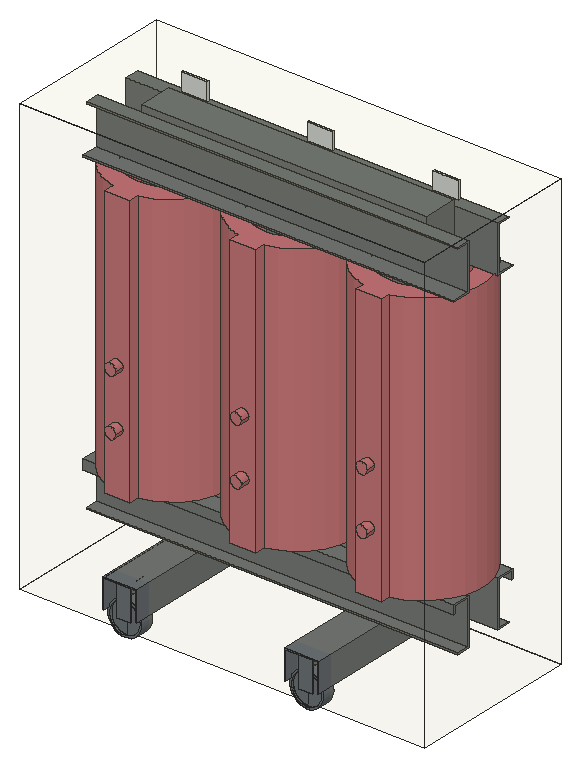
Revit family "Electrical_Transformers_Simens-AG_Geafol_Transformer", category Electrical Fixtures, Revit 2016
Family settings
  Maintain Annotation Orientation = No
  Part Type = Normal
  Round Connector Dimension = Use Diameter
  Work Plane-Based = No
  Always vertical = Yes
  Cut with Voids When Loaded = No
  Shared = No
  Room Calculation Point = No
Parameters (values of type "Transformer 3150kVA  4GX6564-3EY")
  Zyl_zzzzgesamt [instance] = UK_U2 + U2_h + 35 mm  # 2480 mm
  Zyl_zzzz [instance] = H - U2_h - UK_Zyl - 35 mm  # 1605 mm
  Zyl_h = 1595 mm
  Zyl_d = (L - 2 * 35 mm) / 3  # 705 mm
  Zyl_ab1 = 35 mm  # constant formula
  Youtube clip = "https://www.siemens.com/geafol"
  Width mm = B  # 1280 mm
  Weight Net (Kg) = "0"
  Vector group = "Dyn5 (also available Dyn1 and Dyn11)"
  Uniformat II Description = "Energy Supply"
  Uniformat II Code = "D3010"
  Uniclass 2015 Name = "Voltage transformers"
  Uniclass 2015 Code = "Pr_80_51_51_95"
  Uniclass 2.0 Description = "Electrical Power Control Products"
  Uniclass 2.0 Code = "PR-26"
  Uniclass 1.4 Description = ""
  Uniclass 1.4 Code = ""
  UNSPSC Code = "39121009"
  UK_Zyl [instance] = UK_U + U1_h  # 575 mm
  UK_U2 [instance] = UK_Zyl + Zyl_h  # 2170 mm
  U2_h = 275 mm
  U1_h = 275 mm
  UK_U [instance] = 1.5 * F  # 300 mm
  Technical description = "http://www.siemens.com/specifications"
  Region South America = "AR, BO, BR, CL, CO, EC, FK, GF, GY, PE, PY, SR, UY, VE"
  Region Oceania = "AS, AU, CK, FJ, FM, GU, KI, MH, MP, NC, NF, NR, NU, NZ, PF, PG, PN, PW, SB, TK, TL, TO, TV, UM, WF, WS, VU"
  Region North America = "None"
  Region Middle East = "AE, AF, BH, EG, IL, IQ, IR, JO, KW, LB, OM, PS, QA, SA, SY, TR, YE"
  Region Europe = "AD, AL, AT, AX, BA, BE, BG, BY, CH, CY, CZ, DE, DK, EE, ES, FI, FO, FR, GB, GG, GI, GR, HR, HU, IE, IM, IS, IT, JE, LI, LT, LU, LV, MC, MD, ME, MK, MT, NL, NO, PL, PT, RO, RS, RU, SE, SI, SJ, SK, SM, UA, VA"
  Region Asia = "AM, AZ, BD, BN, BT, CC, CN, CX, GE, HK, ID, IN, IO, JP, KG, KH, KP, KR, KZ, LA, LK, MM, MN, MO, MV, MY, NP, PH, PK, SG, TH, TJ, TM, TW, UZ, VN"
  Region Antarctica = "AQ, BV, GS, HM, TF"
  Region Africa = "AO, BF, BI, BJ, BW, CD, CF, CG, CI, CM, CV, DJ, DZ, EH, ER, ET, GA, GH, GM, GN, GQ, GW, KE, KM, LR, LS, LY, MA, MG, ML, MR, MU, MW, MZ, NA, NE, NG, RE, RW, SC, SD, SH, SL, SN, SO, SS, ST, SZ, TD, TG, TN, TZ, UG, YT, ZA, ZM, ZW"
  Rated voltage LV kV = "0.4"
  Sound power level dB = "74"
  Rad1 [instance] = (L - E) / 2  # 557.5 mm
  Rated voltage HV kV = 20
  QR code = "http://bimobject.com/siemens/product/siemens_transformer_geafol"
  Product url = "https://www.siemens.com/geafol"
  Product group = "Cast-resin transformer"
  Product family = "Transformer"
  Product data url = "https://bimobject.com/siemens/product/siemens_transformer_geafol"
  Product certification = "https://www.siemens.com/geafol"
  Product SKU = "siemens_transformer_geafol"
  Product Guid = "49deb9fb-ca4a-45bb-83c5-8a2fd0500d8d"
  OmniClass Description = "Power Transformers"
  OmniClass Code = "23-35 13 17"
  Nominal width = 0 mm
  Nominal height = 0 mm
  NBS Reference Description = "Electrical Power Control Products"
  NBS Reference Code = "26"
  Model = "GEAFOL 3150kVA 4GX6564-3EY"
  Mi_Zyl [instance] = ((L - 2 * 35 mm) / 3) / 2  # 352.5 mm
  Material secondary = ""
  Material main = "Steel"
  Masterformat 2014 Description = "Low-Voltage Transformers"
  Masterformat 2014 Code = "26 22 00"
  Manufacturer name = "Siemens AG"
  Manufacturer country = ""
  Length mm = L  # 2185 mm
  No-load loss P0 W = "3800"
  L = 2185 mm
  Short-circuit loss Pk120 W = "22000"
  Kuo_luft_h = 25 mm  # constant formula
  Insulation level LV kV = "3/–"
  Insulation level HV kV = "50/59"
  Manufacturer = "Siemens AG"
  Installation instructions = "https://www.siemens.com/geafol"
  IFC Classification = ""
  Height mm = H  # 2490 mm
  H = 2490 mm
  G = if(Apparent power kVA < 251, 40 mm, if(Apparent power kVA < 801, 40 mm, if(Apparent power kVA < 1601, 50 mm, if(Apparent power kVA < 5001, 70 mm, 130 mm))))  # 70 mm
  Fan mounted = "without; with (>=630kVA)"
  Fahrgestell_abstand [instance] = F / 2  # 100 mm
  F = if(Apparent power kVA < 251, 125 mm, if(Apparent power kVA < 801, 125 mm, if(Apparent power kVA < 1601, 160 mm, if(Apparent power kVA < 5001, 200 mm, 250 mm))))  # 200 mm
  Edition number = 1
  EAN code = ""
  E = if(Apparent power kVA < 251, 520 mm, if(Apparent power kVA < 801, 670 mm, if(Apparent power kVA < 1601, 820 mm, if(Apparent power kVA < 5001, 1070 mm, 1505 mm))))  # 1070 mm
  Design country = "Germany"
  Date of publishing = "10/25/2017"
  Clearence operation [instance] = no
  Clearence flashover [instance] = yes
  Cl_t2 [instance] = Zyl_d / 2 + 50 mm + 50 mm + Cl_ab_b  # 552.5 mm
  Cl_opera_t2 [instance] = CL_t1 + Cl_t2 + 2 * Cl_opera_t1  # 3005 mm
  Cl_opera_t1 [instance] = 1000 mm  # constant formula
  Cl_opera_L2 = Cl_L + 2 * Cl_opera_L1  # 3385 mm
  Cl_opera_L1 = 500 mm  # constant formula
  Cl_ab_c = if(Rated voltage HV kV < 13, 50 mm, if(Rated voltage HV kV < 25, 100 mm, if(Rated voltage HV kV < 37, 160 mm, 160 mm)))  # 100 mm
  Cl_ab_b = Cl_ab_c  # 100 mm
  Cl_ab_a = if(Rated voltage HV kV < 13, 120 mm, if(Rated voltage HV kV < 25, 220 mm, if(Rated voltage HV kV < 37, 320 mm, 320 mm)))  # 220 mm
  Cl_L = L + 2 * Cl_ab_c  # 2385 mm
  Cl_H = if(Rated voltage HV kV < 13, H + 40 mm, H + 70 mm)  # 2560 mm
  COBIe Type Category = ""
  CL_t1 = Zyl_d / 2 + Cl_ab_b  # 452.5 mm
  Brand url = "https://www.siemens.com/global/en/home/products/energy.html"
  BIMobject main category code = "electrical"
  BIMobject main category = "Electrical"
  BIMobject category code = "electrical-transformers"
  BIMobject category = "Transformers"
  Apparent power kVA = 3150
  Rated short circuit voltage % = "6"
  B_halb [instance] = B / 2  # 640 mm
  B_U_ab_halb = if(L < 1570 mm, 85 mm, 105 mm)  # 105 mm
  B = 1280 mm
Reference planes
  plane 1 "Mitte (Vorne/Hinten)": y = 0
  plane 2: z = 0
  plane 3 "Mitte (Links/Rechts)": x = 0
  plane 4 "UK_U": z = 300
  plane 5 "Rad1": x = 557.5
  plane 6 "Rad2": x = 1627.5
  plane 7 "U rechts": y = 535
  plane 8 "U links": y = 745
  plane 9: y = 640
  plane 10 "UK Zyl": z = 575
  plane 11 "Zyl Mitte": x = 352.5
  plane 12 "OK Zyl": z = 2170
  plane 13 "Cl_t1": y = 1092.5
  plane 14 "Cl_ab_c": x = -100
Forms (mm)
  Extrusion 1, solid, material "Siemens Clearence", visible <- "Clearence flashover"
    sketch origin (0, 0, 0) x (1, 0, 0) y (0, 1, 0)
      loop
        line (-100, 1092.5) -> (-100, 87.5) -> (2285, 87.5) -> (2285, 1092.5) -> (-100, 1092.5)
    from 0 to 2560 <- "Cl_H"
  Extrusion 2, solid, material "Siemens Clearence", visible <- "Clearence operation"
    sketch origin (-500, -660, 0) x (1, 0, 0) y (0, 1, 0)
      loop
        line (-100, 2752.5) -> (-100, -252.5) -> (3285, -252.5) -> (3285, 2752.5) -> (-100, 2752.5)
    from 0 to 2560 <- "Cl_H"
Dimensions and locks
  "UK_U": plane 4 "UK_U" to level
  "Rad1": plane 5 "Rad1" to plane 3 "Mitte (Links/Rechts)"
  "E": plane 6 "Rad2" to plane 5 "Rad1"
  "Fahrgestell_abstand": plane 5 "Rad1" to nested 1
  "Fahrgestell_abstand": nested 2 to plane 6 "Rad2"
  "B_halb": plane 9 to plane 1 "Mitte (Vorne/Hinten)"
  "B_U_ab_halb": plane 9 to plane 7 "U rechts"
  "B_U_ab_halb": plane 8 "U links" to plane 9
  "UK_Zyl": plane 10 "UK Zyl" to level
  "Mi_Zyl": plane 11 "Zyl Mitte" to plane 3 "Mitte (Links/Rechts)"
  "UK_U2": plane 12 "OK Zyl" to level
  "Kuo_luft_h": plane 10 "UK Zyl" to nested 8
  nested 8 to level = 2480 mm
  nested 6 to level = 2445 mm
  nested 5 to level = 1275 mm
  "CL_t1": plane 9 to Extrusion 1 sketch curve
  "Cl_t2": Extrusion 1 sketch curve to plane 9
  "Cl_ab_c": Extrusion 1 sketch curve to plane 3 "Mitte (Links/Rechts)"
  "Cl_L": Extrusion 1 sketch curve to Extrusion 1 sketch curve
  "Cl_opera_L2": Extrusion 2 sketch curve to Extrusion 2 sketch curve
  "Cl_opera_t2": Extrusion 2 sketch curve to Extrusion 2 sketch curve
  "CL_t1": plane 9 to plane 13 "Cl_t1"
  "Cl_ab_c": plane 14 "Cl_ab_c" to plane 3 "Mitte (Links/Rechts)"
  "Cl_opera_L1": Extrusion 2 sketch curve to plane 14 "Cl_ab_c"
  "Cl_opera_t1": Extrusion 2 sketch curve to plane 13 "Cl_t1"
  nested 1 to nested 6 = 2185 mm
  nested 1 to nested 1 = 1280 mm
  aligned and locked: level to plane 2
  aligned and locked: plane 4 "UK_U" to nested 1
  aligned and locked: plane 1 "Mitte (Vorne/Hinten)" to nested 1
  aligned and locked: plane 1 "Mitte (Vorne/Hinten)" to nested 2
  aligned and locked: plane 4 "UK_U" to nested 2
  aligned and locked: nested 3 to plane 4 "UK_U"
  aligned and locked: plane 3 "Mitte (Links/Rechts)" to nested 3
  aligned and locked: nested 4 to plane 3 "Mitte (Links/Rechts)"
  aligned and locked: nested 4 to plane 4 "UK_U"
  aligned and locked: nested 4 to plane 8 "U links"
  aligned and locked: plane 7 "U rechts" to nested 3
  aligned and locked: plane 10 "UK Zyl" to nested 5
  aligned and locked: plane 9 to nested 5
  aligned and locked: plane 11 "Zyl Mitte" to nested 5
  aligned and locked: plane 12 "OK Zyl" to nested 6
  aligned and locked: plane 7 "U rechts" to nested 6
  aligned and locked: plane 3 "Mitte (Links/Rechts)" to nested 6
  aligned and locked: nested 7 to plane 3 "Mitte (Links/Rechts)"
  aligned and locked: plane 12 "OK Zyl" to nested 7
  aligned and locked: nested 7 to plane 8 "U links"
  aligned and locked: plane 9 to nested 8
  aligned and locked: plane 11 "Zyl Mitte" to nested 8
Nested families
  nested 1: "Trafo Basic_Fahrgestell" at (0, 0, 0), B <- "B", H <- "H", L <- "L", E <- "E", F <- "F", G <- "G", type "4GT5044-3CY"
    with UK_U 300 mm, Rad_ab_aussen 40 mm, Rad2_aussen 1240 mm, Rad1_dicke1 10 mm, Rad1_breite_ges 70 mm, Rad1_aussen 40 mm, Rad1 557.5 mm, L 2185 mm, H 2490 mm, G 70 mm, Fahrgestell_h1 170 mm, Fahrgestell_WS1 5 mm, Fahrg_Radhalter_t_halbminus -40 mm, Fahrg_Radhalter_t_halb 40 mm, Fahrg_Radhalter_t 80 mm, Fahrg_Radhalter_h 200 mm, Fahrg_Radhalter_b 90 mm, Fahrg_Radhalter2_aussen 1250 mm, Fahrg_Radhalter1_aussen 30 mm, F_halb 100 mm, F 200 mm, E 1070 mm, B_minus -1280 mm, B 1280 mm
  nested 2: "Trafo Basic_Fahrgestell" at (1070, 0, 0), B <- "B", H <- "H", L <- "L", E <- "E", F <- "F", G <- "G", type "4GT5044-3CY"
    with UK_U 300 mm, Rad_ab_aussen 40 mm, Rad2_aussen 1240 mm, Rad1_dicke1 10 mm, Rad1_breite_ges 70 mm, Rad1_aussen 40 mm, Rad1 557.5 mm, L 2185 mm, H 2490 mm, G 70 mm, Fahrgestell_h1 170 mm, Fahrgestell_WS1 5 mm, Fahrg_Radhalter_t_halbminus -40 mm, Fahrg_Radhalter_t_halb 40 mm, Fahrg_Radhalter_t 80 mm, Fahrg_Radhalter_h 200 mm, Fahrg_Radhalter_b 90 mm, Fahrg_Radhalter2_aussen 1250 mm, Fahrg_Radhalter1_aussen 30 mm, F_halb 100 mm, F 200 mm, E 1070 mm, B_minus -1280 mm, B 1280 mm
  nested 3: "Trafo Basic_U1" at (0, 535, 300), L <- "L", B <- "B", H <- "H", E <- "E", F <- "F", G <- "G", U1_h <- "U1_h", type "Trafo Basic_U1"
    with U1_ws 8 mm, U1_u_b 82.5 mm, U1_o_b 110 mm, U1_knick_l 55 mm, U1_h 275 mm, L 2185 mm, H 2490 mm, G 70 mm, F 200 mm, E 1070 mm, B 1280 mm
  nested 4: "Trafo Basic_U1" at (2185, 745, 300) x (-1, 0, 0) z (0, 0, 1), L <- "L", B <- "B", H <- "H", E <- "E", F <- "F", G <- "G", U1_h <- "U1_h", type "Trafo Basic_U1"
    with U1_ws 8 mm, U1_u_b 82.5 mm, U1_o_b 110 mm, U1_knick_l 55 mm, U1_h 275 mm, L 2185 mm, H 2490 mm, G 70 mm, F 200 mm, E 1070 mm, B 1280 mm
  nested 5: "Trafo Basic_Zyl" at (352.5, 640, 575), L <- "L", B <- "B", H <- "H", Zyl_h <- "Zyl_h", Zyl_ab1 <- "Zyl_ab1", U2_h <- "U2_h", type "Trafo Basic_Zyl"
    with Zyl_zu_Zyl 740 mm, Zyl_h 1595 mm, Zyl_d 705 mm, Zyl_aussenring_innen 485 mm, Zyl_ansatz_t 402.5 mm, Zyl_ansatz_b 150 mm, Zyl_ab1 35 mm, Zyl_WS1 110 mm, U2_h 275 mm, L 2185 mm, H 2490 mm, Fa_t_ges 176.25 mm, Fa_t1 70 mm, Fa_l 1555 mm, Fa_h_u1 40 mm, Fa_h 375 mm, Fa_d 10 mm, Fa_b_halb_minus -75 mm, Fa_b_halb 75 mm, Fa_b 150 mm, Fa_abzug_h2 1970 mm, Fa_ab1 590 mm, B 1280 mm, Ans_vu_ab2 700 mm, Ans_vu_AB1 365 mm, Ans_radius 32.5 mm, Ans_l 452.5 mm
  nested 6: "Trafo Basic_U2" at (0, 535, 2170), L <- "L", B <- "B", H <- "H", U2_h <- "U2_h", E <- "E", F <- "F", G <- "G", type "Trafo Basic_U2"
    with U2_ws 8 mm, U2_u_b 110 mm, U2_o_b 82.5 mm, U2_h 275 mm, L 2185 mm, H 2490 mm, G 70 mm, F 200 mm, E 1070 mm, B 1280 mm
  nested 7: "Trafo Basic_U2" at (2185, 745, 2170) x (-1, 0, 0) z (0, 0, 1), L <- "L", B <- "B", H <- "H", U2_h <- "U2_h", E <- "E", F <- "F", G <- "G", type "Trafo Basic_U2"
    with U2_ws 8 mm, U2_u_b 110 mm, U2_o_b 82.5 mm, U2_h 275 mm, L 2185 mm, H 2490 mm, G 70 mm, F 200 mm, E 1070 mm, B 1280 mm
  nested 8: "Trafo Basic_Zyl-Kern" at (352.5, 740, 575), L <- "L", B <- "B", H <- "H", Zyl_h <- "Zyl_h", Zyl_ab1 <- "Zyl_ab1", Kuo_luft_h <- "Kuo_luft_h", U1_h <- "U1_h", U2_h <- "U2_h", type "Trafo Basic_Zyl-Kern"
    with Zyl_zu_Zyl 740 mm, Zyl_h 1595 mm, Zyl_d 705 mm, Zyl_aussenring_innen 485 mm, Zyl_ab1 35 mm, Zyl_WS1 110 mm, U2_h 275 mm, U1_h 275 mm, L 2185 mm, Kuo_luft_h 25 mm, Ku_d 285 mm, Ko_d 285 mm, K_loch_b 540 mm, K_hges 2215 mm, K_einfuege_minus -225 mm, K_d_halb 100 mm, K_d 200 mm, K_bges 1680 mm, H 2490 mm, B 1280 mm, Ans_vu_ab2 500 mm, Ans_vu_AB1 165 mm, Ans_l 286.667 mm
Definition of nested family "Trafo Basic_Fahrgestell"
  Parameters (values of type "4GT5044-3CY")
    kVA = 100 mm
    UK_U [instance] = 1.5 * F  # 187.5 mm
    Rad_ab_aussen [instance] = 40 mm
    Rad2_aussen [instance] = B - Rad_ab_aussen  # 645 mm
    Rad1_dicke1 [instance] = 10 mm
    Rad1_breite_ges [instance] = G  # 40 mm
    Rad1_aussen [instance] = Rad_ab_aussen  # 40 mm
    Rad1 [instance] = (L - E) / 2  # 260 mm
    Model = "Trafo"
    L [instance] = 1190 mm
    G [instance] = 40 mm
    Fahrgestell_h1 [instance] = F - 30 mm  # 95 mm
    Fahrgestell_WS1 [instance] = 5 mm
    Fahrg_Radhalter_t_halbminus [instance] = -Fahrg_Radhalter_t / 2  # -40 mm
    Fahrg_Radhalter_t_halb [instance] = Fahrg_Radhalter_t / 2  # 40 mm
    Fahrg_Radhalter_t [instance] = 80 mm
    Fahrg_Radhalter_h [instance] = UK_U - F_halb  # 125 mm
    Fahrg_Radhalter_b [instance] = Rad1_breite_ges + (4 * Fahrgestell_WS1)  # 60 mm
    Fahrg_Radhalter2_aussen [instance] = B - Fahrg_Radhalter1_aussen  # 655 mm
    Fahrg_Radhalter1_aussen [instance] = Rad_ab_aussen - 2 * Fahrgestell_WS1  # 30 mm
    F_halb [instance] = F / 2  # 62.5 mm
    F [instance] = 125 mm
    Manufacturer = "Siemens AG"
    H [instance] = 920 mm
    E [instance] = 670 mm
    Keynote = "4GT5044-3CY"
    B_minus [instance] = -B  # -685 mm
    B [instance] = 685 mm
  Reference planes
    plane 1 "Mitte (Vorne/Hinten)": y = 0
    plane 2: z = 0
    plane 3 "Mitte (Links/Rechts)": x = 0
    plane 4 "UK U": z = 187.5
    plane 5 "Rad1 Mitte": x = 260
    plane 6 "Rad2 mitte": x = 930
  Forms (mm)
    Extrusion 1, solid
      sketch origin (0, 0, 0) x (1, 0, 0) y (0, 0, 1)
        loop
          line (197.5, 92.5) -> (202.5, 92.5) -> (202.5, 182.5) -> (317.5, 182.5) -> (317.5, 92.5) -> (322.5, 92.5) -> (322.5, 187.5) -> (197.5, 187.5) -> (197.5, 92.5)
      from 0 to -685 <- "B_minus"
    Revolve 2, solid
      sketch origin (260, 0, 0) x (0, 0, 1) y (0, -1, 0)
        loop
          line (62.5, -70) -> (62.5, -50) -> (10, -50) -> (10, -40) -> (0, -40) -> (0, -80) -> (10, -80) -> (10, -70) -> (62.5, -70)
        loop
          line (62.5, -635) -> (62.5, -615) -> (10, -615) -> (10, -605) -> (0, -605) -> (0, -645) -> (10, -645) -> (10, -635) -> (62.5, -635)
        axis (62.5, -645) -> (62.5, -40)
      angle from 0 to 360
    Extrusion 3, solid
      sketch origin (260, 0, 0) x (0, 0, 1) y (0, -1, 0)
        loop
          line (57.5, -90) -> (182.5, -90) -> (182.5, -30) -> (57.5, -30) -> (57.5, -35) -> (177.5, -35) -> (177.5, -85) -> (57.5, -85) -> (57.5, -90)
      from -40 <- "Fahrg_Radhalter_t_halbminus" to 40 <- "Fahrg_Radhalter_t_halb"
    Extrusion 4, solid
      sketch origin (260, 410, 0) x (0, 0, 1) y (0, -1, 0)
        loop
          line (57.5, -245) -> (182.5, -245) -> (182.5, -185) -> (57.5, -185) -> (57.5, -190) -> (177.5, -190) -> (177.5, -240) -> (57.5, -240) -> (57.5, -245)
      from -40 <- "Fahrg_Radhalter_t_halbminus" to 40 <- "Fahrg_Radhalter_t_halb"
  Dimensions and locks
    "UK_U": plane 4 "UK U" to level
    "Fahrgestell_h1": Extrusion 1 sketch curve to Extrusion 1 sketch curve
    "Fahrgestell_WS1": Extrusion 1 sketch curve to Extrusion 1 sketch curve  (x3)
    "F": Extrusion 1 sketch curve to Extrusion 1 sketch curve
    "F_halb": plane 5 "Rad1 Mitte" to Extrusion 1
    "E": plane 6 "Rad2 mitte" to plane 5 "Rad1 Mitte"
    "Rad1": plane 5 "Rad1 Mitte" to plane 3 "Mitte (Links/Rechts)"
    "F_halb": Revolve 2 sketch curve to level
    "Rad1_dicke1": Revolve 2 sketch curve to Revolve 2 sketch curve  (x2)
    "Rad1_breite_ges": Revolve 2 sketch curve to Revolve 2 sketch curve  (x2)
    locked: Revolve 2 sketch curve to Revolve 2 sketch curve at 10  (x4)
    "Rad_ab_aussen": Revolve 2 sketch curve to plane 1 "Mitte (Vorne/Hinten)"
    "Rad2_aussen": Revolve 2 sketch curve to plane 1 "Mitte (Vorne/Hinten)"
    "Fahrg_Radhalter_h": Extrusion 3 sketch curve to Extrusion 3 sketch curve
    "Fahrgestell_WS1": Extrusion 3 sketch curve to Extrusion 3 sketch curve  (x3)
    "Fahrg_Radhalter_b": Extrusion 3 sketch curve to Extrusion 3 sketch curve
    "Fahrgestell_WS1": Extrusion 3 sketch curve to plane 4 "UK U"
    "Fahrg_Radhalter1_aussen": Extrusion 3 sketch curve to plane 1 "Mitte (Vorne/Hinten)"
    "Fahrg_Radhalter_h": Extrusion 4 sketch curve to Extrusion 4 sketch curve
    "Fahrgestell_WS1": Extrusion 4 sketch curve to Extrusion 4 sketch curve  (x3)
    "Fahrg_Radhalter_b": Extrusion 4 sketch curve to Extrusion 4 sketch curve
    "Fahrg_Radhalter2_aussen": Extrusion 4 sketch curve to plane 1 "Mitte (Vorne/Hinten)"
    aligned and locked: level to plane 2
    aligned and locked: Extrusion 1 sketch curve to Extrusion 1 sketch curve
    aligned and locked: plane 4 "UK U" to Extrusion 1 sketch curve
    aligned and locked: Revolve 2 sketch curve to Revolve 2 sketch curve  (x3)
    aligned and locked: Extrusion 3 sketch curve to Extrusion 3 sketch curve
    aligned and locked: Extrusion 4 sketch curve to Extrusion 4 sketch curve
  Automatic sketch dimensions
    Extrusion 1 sketch curve to plane 5 "Rad1 Mitte" = 62.5 mm
    Revolve 2 sketch curve to level = 0 mm  (x2)
    Revolve 2 sketch curve to Revolve 2 sketch curve = 52.5 mm
    Revolve 2 sketch curve to Revolve 2 sketch curve = 80 mm
    plane 1 "Mitte (Vorne/Hinten)" to Revolve 2 sketch curve = 103.939 mm
    level to Extrusion 4 sketch curve = 57.5 mm
Definition of nested family "Trafo Basic_U1"
  Parameters (values of type "Trafo Basic_U1")
    U1_ws [instance] = 8 mm
    U1_o_b [instance] = U1_h * 0.4  # 114 mm
    U1_knick_l [instance] = U1_h * 0.2  # 57 mm
    U1_h [instance] = 285 mm
    U1_u_b [instance] = U1_h * 0.3  # 85.5 mm
    L [instance] = 1190 mm
    H [instance] = 920 mm
    G [instance] = 40 mm
    F [instance] = 125 mm
    E [instance] = 670 mm
    B [instance] = 685 mm
  Reference planes
    plane 1 "Mitte (Vorne/Hinten)": y = 0
    plane 2: z = 0
    plane 3 "Mitte (Links/Rechts)": x = 0
  Forms (mm)
    Extrusion 1, solid
      sketch origin (0, 0, 0) x (0, 1, 0) y (0, 0, 1)
        loop
          line (0, 285) -> (-114, 285) -> (-114, 228) -> (-106, 228) -> (-106, 277) -> (-8, 277) -> (-8, 8) -> (-85.5, 8) -> (-85.5, 0) -> (0, 0) -> (0, 285)
      from 0 to 1190 <- "L"
  Dimensions and locks
    "U1_ws": Extrusion 1 sketch curve to Extrusion 1 sketch curve  (x4)
    "U1_u_b": Extrusion 1 sketch curve to Extrusion 1 sketch curve
    "U1_o_b": Extrusion 1 sketch curve to Extrusion 1 sketch curve
    "U1_h": Extrusion 1 sketch curve to Extrusion 1 sketch curve
    "U1_knick_l": Extrusion 1 sketch curve to Extrusion 1 sketch curve
    aligned and locked: level to plane 2
    aligned and locked: Extrusion 1 sketch curve to level
    aligned and locked: Extrusion 1 sketch curve to plane 1 "Mitte (Vorne/Hinten)"
Definition of nested family "Trafo Basic_Zyl"
  Parameters (values of type "Trafo Basic_Zyl")
    Zyl_zu_Zyl [instance] = Zyl_d + Zyl_ab1  # 408.333 mm
    Zyl_h [instance] = 540 mm
    Zyl_d [instance] = (L - 2 * Zyl_ab1) / 3  # 373.333 mm
    Zyl_aussenring_innen [instance] = Zyl_d - 2 * Zyl_WS1  # 223.333 mm
    Zyl_ansatz_t [instance] = Zyl_d / 2 + 50 mm  # 236.667 mm
    Zyl_ansatz_b [instance] = 150 mm
    Zyl_ab1 [instance] = 35 mm
    Zyl_WS1 [instance] = if(Zyl_d < 500 mm, 75 mm, 110 mm)  # 75 mm
    U2_h [instance] = 200 mm
    L [instance] = 1190 mm
    H [instance] = 920 mm
    Fa_t_ges [instance] = Zyl_d / 4  # 93.333 mm
    Fa_t1 [instance] = 70 mm
    Fa_l [instance] = 2 * Zyl_zu_Zyl + (Fa_b / 2)  # 866.667 mm
    Fa_h_u1 [instance] = 40 mm
    Fa_h [instance] = U2_h + 100 mm  # 300 mm
    Fa_d [instance] = 10 mm
    Fa_b_halb_minus [instance] = -Fa_b / 2  # -50 mm
    Fa_b_halb [instance] = Fa_b / 2  # 50 mm
    Fa_b [instance] = if(Zyl_d < 500 mm, 100 mm, 150 mm)  # 100 mm
    Fa_abzug_h2 [instance] = Zyl_h + Fa_h  # 840 mm
    Fa_ab1 [instance] = Zyl_zu_Zyl - Fa_b  # 308.333 mm
    B [instance] = 685 mm
    Ans_vu_ab2 [instance] = if(Zyl_h > 800 mm, 700 mm, if(Zyl_h > 550 mm, 500 mm, 400 mm))  # 400 mm
    Ans_vu_AB1 [instance] = if(Zyl_h > 800 mm, 365 mm, 165 mm)  # 165 mm
    Ans_radius [instance] = 32.5 mm
    Ans_l [instance] = Zyl_ansatz_t + 50 mm  # 286.667 mm
  Reference planes
    plane 1 "Mitte (Vorne/Hinten)": y = 0
    plane 2: z = 0
    plane 3 "Mitte (Links/Rechts)": x = 0
    plane 4: z = 165
    plane 5: z = 400
  Forms (mm)
    Extrusion 1, solid
      sketch origin (0, 0, 0) x (1, 0, 0) y (0, 1, 0)
        loop
          line (-75, -236.667) -> (75, -236.667) -> (75, -170.937)
          arc (75, -170.937) -> (0, 186.667) -> (-75, -170.937) r 186.667
          line (-75, -170.937) -> (-75, -236.667)
        loop
          circle (0, 0) r 111.667
      from 0 to 540 <- "Zyl_h"
    Extrusion 2, solid
      sketch origin (0, 0, 0) x (1, 0, 0) y (0, 1, 0)
        loop
          line (0, 10) -> (0, 0) -> (10, 0) -> (10, 10) -> (0, 10)
      from 0 to 10
    Extrusion 3, solid
      sketch origin (614.337, 572.879, 0) x (1, 0, 0) y (0, 1, 0)
        loop
          line (-281.004, -809.545) -> (-131.004, -809.545) -> (-131.004, -743.816)
          arc (-131.004, -743.816) -> (-206.004, -386.212) -> (-281.004, -743.816) r 186.667
          line (-281.004, -743.816) -> (-281.004, -809.545)
        loop
          circle (-206.004, -572.879) r 111.667
      from 0 to 540 <- "Zyl_h"
    Extrusion 4, solid
      sketch origin (1177.233, 794.054, 0) x (1, 0, 0) y (0, 1, 0)
        loop
          line (-435.567, -1030.721) -> (-285.567, -1030.721) -> (-285.567, -964.991)
          arc (-285.567, -964.991) -> (-360.567, -607.387) -> (-435.567, -964.991) r 186.667
          line (-435.567, -964.991) -> (-435.567, -1030.721)
        loop
          circle (-360.567, -794.054) r 111.667
      from 0 to 540 <- "Zyl_h"
    Extrusion 5, solid
      sketch origin (0, 0, 0) x (1, 0, 0) y (0, 0, 1)
        loop
          circle (0, 400) r 32.5
        loop
          circle (0, 165) r 32.5
        loop
          circle (408.333, 400) r 32.5
        loop
          circle (408.333, 165) r 32.5
        loop
          circle (816.667, 400) r 32.5
        loop
          circle (816.667, 165) r 32.5
      from 236.667 <- "Zyl_ansatz_t" to 286.667 <- "Ans_l"
    Extrusion 6, solid
      sketch origin (0, 0, 0) x (0, 1, 0) y (0, 0, 1)
        loop
          line (0, 550) -> (0, 540) -> (70, 540) -> (70, 576.847) -> (93.333, 610.17) -> (93.333, 840) -> (83.333, 840) -> (83.333, 613.323) -> (60, 580) -> (60, 550) -> (0, 550)
      from -50 <- "Fa_b_halb_minus" to 866.667 <- "Fa_l"
    Extrusion 7, void
      sketch origin (0, 0, 0) x (1, 0, 0) y (0, 1, 0)
        loop
          line (50, 399.406) -> (50, 0) -> (358.333, 0) -> (358.333, 399.406) -> (50, 399.406)
        loop
          line (458.333, 399.406) -> (458.333, 0) -> (766.667, 0) -> (766.667, 399.406) -> (458.333, 399.406)
      from 540 <- "Zyl_h" to 840 <- "Fa_abzug_h2"
  Cuts and joins
    Extrusion 7 cuts Extrusion 3
    Extrusion 7 cuts Extrusion 6
  Dimensions and locks
    equal spacing: Extrusion 1 sketch curve, plane 3 "Mitte (Links/Rechts)", Extrusion 1 sketch curve
    "Zyl_ansatz_b": Extrusion 1 sketch curve to Extrusion 1 sketch curve
    locked: Extrusion 2 sketch curve to Extrusion 2 sketch curve at 10  (x2)
    "Zyl_ansatz_t": Extrusion 1 sketch curve to Extrusion 1 sketch curve
    Extrusion 3 sketch curve to Extrusion 3 sketch curve = 150 mm
    "Zyl_ansatz_b": Extrusion 3 sketch curve to Extrusion 3 sketch curve
    "Zyl_ansatz_t": Extrusion 3 sketch curve to Extrusion 3 sketch curve
    "Zyl_zu_Zyl": Extrusion 1 to Extrusion 3
    Extrusion 4 sketch curve to Extrusion 4 sketch curve = 150 mm
    "Zyl_ansatz_b": Extrusion 4 sketch curve to Extrusion 4 sketch curve
    "Zyl_ansatz_t": Extrusion 4 sketch curve to Extrusion 4 sketch curve
    "Zyl_zu_Zyl": Extrusion 3 to Extrusion 4
    "Ans_vu_AB1": plane 4 to level
    "Ans_vu_ab2": plane 5 to level
    "Zyl_zu_Zyl": Extrusion 5 sketch curve to Extrusion 5 sketch curve  (x4)
    "Fa_d": Extrusion 6 sketch curve to Extrusion 6 sketch curve  (x4)
    "Fa_t1": Extrusion 6 sketch curve to Extrusion 6 sketch curve
    "Fa_t_ges": Extrusion 6 sketch curve to Extrusion 6 sketch curve
    "Fa_h": Extrusion 6 sketch curve to Extrusion 6 sketch curve
    "Fa_h_u1": Extrusion 6 sketch curve to Extrusion 6 sketch curve
    "Zyl_h": Extrusion 6 sketch curve to level
    Extrusion 7 sketch curve to Extrusion 7 sketch curve = 399.406 mm
    "Fa_b_halb": plane 3 "Mitte (Links/Rechts)" to Extrusion 7 sketch curve
    "Fa_ab1": Extrusion 7 sketch curve to Extrusion 7 sketch curve  (x2)
    "Fa_b": Extrusion 7 sketch curve to Extrusion 7 sketch curve
    "Zyl_d": diameter of Extrusion 1 sketch curve
    "Zyl_aussenring_innen": diameter of Extrusion 1 sketch curve
    "Zyl_d": diameter of Extrusion 3 sketch curve
    "Zyl_aussenring_innen": diameter of Extrusion 3 sketch curve
    "Zyl_d": diameter of Extrusion 4 sketch curve
    "Zyl_aussenring_innen": diameter of Extrusion 4 sketch curve
    "Ans_radius": radius of Extrusion 5 sketch curve  (x6)
    aligned and locked: level to plane 2
    aligned and locked: plane 1 "Mitte (Vorne/Hinten)" to Extrusion 1 sketch curve
    aligned and locked: plane 3 "Mitte (Links/Rechts)" to Extrusion 1 sketch curve
    aligned and locked: Extrusion 2 sketch curve to plane 1 "Mitte (Vorne/Hinten)"
    aligned and locked: plane 3 "Mitte (Links/Rechts)" to Extrusion 2 sketch curve
    aligned and locked: plane 1 "Mitte (Vorne/Hinten)" to Extrusion 3 sketch curve  (x2)
    aligned and locked: plane 1 "Mitte (Vorne/Hinten)" to Extrusion 4 sketch curve  (x2)
    aligned and locked: plane 3 "Mitte (Links/Rechts)" to Extrusion 5 sketch curve  (x2)
    aligned and locked: plane 4 to Extrusion 5 sketch curve  (x3)
    aligned and locked: plane 5 to Extrusion 5 sketch curve  (x3)
    aligned and locked: Extrusion 6 sketch curve to plane 1 "Mitte (Vorne/Hinten)"
    aligned and locked: Extrusion 7 sketch curve to Extrusion 7 sketch curve  (x2)
    aligned and locked: Extrusion 7 sketch curve to plane 1 "Mitte (Vorne/Hinten)"
  Automatic sketch dimensions
    Extrusion 1 sketch curve to Extrusion 1 sketch curve = 0 mm  (x2)
    Extrusion 3 sketch curve to Extrusion 3 sketch curve = 0 mm
    plane 3 "Mitte (Links/Rechts)" to Extrusion 3 sketch curve = 333.333 mm
    Extrusion 3 sketch curve to Extrusion 3 sketch curve = 75 mm
    Extrusion 4 sketch curve to Extrusion 4 sketch curve = 0 mm
    plane 3 "Mitte (Links/Rechts)" to Extrusion 4 sketch curve = 741.667 mm
    Extrusion 4 sketch curve to Extrusion 4 sketch curve = 75 mm
    Extrusion 6 sketch curve to Extrusion 6 sketch curve = 3.153 mm
Definition of nested family "Trafo Basic_U2"
  Parameters (values of type "Trafo Basic_U2")
    U2_ws [instance] = 8 mm
    U2_o_b [instance] = U2_h * 0.3  # 85.5 mm
    U2_h [instance] = 285 mm
    U2_u_b [instance] = U2_h * 0.4  # 114 mm
    L [instance] = 1190 mm
    H [instance] = 920 mm
    G [instance] = 40 mm
    F [instance] = 125 mm
    E [instance] = 670 mm
    B [instance] = 685 mm
  Reference planes
    plane 1 "Mitte (Vorne/Hinten)": y = 0
    plane 2: z = 0
    plane 3 "Mitte (Links/Rechts)": x = 0
  Forms (mm)
    Extrusion 1, solid
      sketch origin (0, 0, 0) x (0, 1, 0) y (0, 0, 1)
        loop
          line (0, 285) -> (-85.5, 285) -> (-85.5, 277) -> (-8, 277) -> (-8, 8) -> (-114, 8) -> (-114, 0) -> (0, 0) -> (0, 285)
      from 0 to 1190 <- "L"
  Dimensions and locks
    "U2_ws": Extrusion 1 sketch curve to Extrusion 1 sketch curve  (x3)
    "U2_u_b": Extrusion 1 sketch curve to Extrusion 1 sketch curve
    "U2_h": Extrusion 1 sketch curve to Extrusion 1 sketch curve
    "U2_o_b": Extrusion 1 sketch curve to Extrusion 1 sketch curve
    aligned and locked: level to plane 2
    aligned and locked: Extrusion 1 sketch curve to level
    aligned and locked: Extrusion 1 sketch curve to plane 1 "Mitte (Vorne/Hinten)"
Definition of nested family "Trafo Basic_Zyl-Kern"
  Parameters (values of type "Trafo Basic_Zyl-Kern")
    Zyl_zu_Zyl [instance] = Zyl_d + Zyl_ab1  # 545 mm
    Zyl_h [instance] = 600 mm
    Zyl_d [instance] = (L - 2 * Zyl_ab1) / 3  # 510 mm
    Zyl_aussenring_innen [instance] = Zyl_d - 2 * Zyl_WS1  # 290 mm
    Zyl_ab1 [instance] = 35 mm
    Zyl_WS1 [instance] = if(Zyl_d < 500 mm, 75 mm, 110 mm)  # 110 mm
    U2_h [instance] = 100 mm
    U1_h [instance] = 100 mm
    L [instance] = 1600 mm
    Kuo_luft_h [instance] = 25 mm
    Ku_d [instance] = U2_h + 10 mm  # 110 mm
    Ko_d [instance] = U1_h + 10 mm  # 110 mm
    K_loch_b [instance] = ((2 * Zyl_zu_Zyl) + K_d - 3 * K_d) / 2  # 345 mm
    K_hges [instance] = Zyl_h + Ko_d + Ku_d + 2 * Kuo_luft_h  # 870 mm
    K_d_halb [instance] = K_d / 2  # 100 mm
    K_d [instance] = if(Zyl_d < 500 mm, 150 mm, 200 mm)  # 200 mm
    K_bges [instance] = (2 * Zyl_zu_Zyl) + K_d  # 1290 mm
    K_einfuege_minus [instance] = -K_d - Kuo_luft_h  # -225 mm
    H [instance] = 920 mm
    B [instance] = 685 mm
    Ans_vu_ab2 [instance] = 500 mm
    Ans_vu_AB1 [instance] = 165 mm
    Ans_l [instance] = 355 mm
  Reference planes
    plane 1 "Mitte (Vorne/Hinten)": y = 0
    plane 2: z = 0
    plane 3 "Mitte (Links/Rechts)": x = 0
    plane 4: z = 165
    plane 5: z = 500
  Forms (mm)
    Extrusion 1, solid
      sketch origin (0, 0, -1160) x (1, 0, 0) y (0, 0, 1)
        loop
          line (-100, 1025) -> (1190, 1025) -> (1190, 1895) -> (-100, 1895) -> (-100, 1025)
        loop
          line (100, 1135) -> (445, 1135) -> (445, 1785) -> (100, 1785) -> (100, 1135)
        loop
          line (645, 1785) -> (645, 1135) -> (990, 1135) -> (990, 1785) -> (645, 1785)
      from 0 to 200 <- "K_d"
    Extrusion 2, void
      sketch origin (0, 0, 0) x (1, 0, 0) y (0, 1, 0)
        loop
          line (0, -70) -> (0, -100) -> (30, -100) -> (30, -70) -> (0, -70)
      from 0 to -225 <- "K_einfuege_minus"
  Cuts and joins
    Extrusion 2 cuts Extrusion 1
  Dimensions and locks
    "Ans_vu_AB1": plane 4 to level
    "Ans_vu_ab2": plane 5 to level
    "K_hges": Extrusion 1 sketch curve to Extrusion 1 sketch curve
    "Ko_d": Extrusion 1 sketch curve to Extrusion 1 sketch curve  (x2)
    "K_d": Extrusion 1 sketch curve to Extrusion 1 sketch curve  (x3)
    "K_d_halb": plane 3 "Mitte (Links/Rechts)" to Extrusion 1 sketch curve
    "K_loch_b": Extrusion 1 sketch curve to Extrusion 1 sketch curve  (x2)
    "Kuo_luft_h": level to Extrusion 1
    "K_d_halb": Extrusion 1 to Extrusion 2 sketch curve
    locked: Extrusion 2 sketch curve to Extrusion 2 sketch curve at 30  (x2)
    aligned and locked: level to plane 2
    aligned and locked: Extrusion 1 sketch curve to Extrusion 1 sketch curve  (x2)
    aligned and locked: plane 3 "Mitte (Links/Rechts)" to Extrusion 2 sketch curve
  Automatic sketch dimensions
    Extrusion 1 sketch curve to plane 5 = 635 mm
Types (116, lengths in mm): name | Zyl_zzzzgesamt | Zyl_zzzz | Zyl_h | Zyl_d | Width mm | UK_Zyl | UK_U2 | U2_h | U1_h | UK_U | Sound power level dB | Rad1 | Rated voltage HV kV | Model | Mi_Zyl | Length mm | No-load loss P0 W | L | Short-circuit loss Pk120 W | Insulation level HV kV | Height mm | H | G | Fahrgestell_abstand | F | E | Cl_t2 | Cl_opera_t2 | Cl_opera_L2 | Cl_ab_c | Cl_ab_b | Cl_ab_a | Cl_L | Cl_H | CL_t1 | Apparent power kVA | Rated short circuit voltage % | B_halb | B_U_ab_halb | B
  Transformer  100kVA  4GX5044-3CY | 920 | 497.5 | 497.5 | 373.333 | 685 | 287.5 | 785 | 100 | 100 | 187.5 | "61" | 335 | 10 | "GEAFOL   100kVA  4GX5044-3CY" | 186.667 | 1190 | "440" | 1190 | "1850" | "28/75" | 920 | 920 | 40 | 62.5 | 125 | 520 | 336.667 | 2573.333 | 2290 | 50 | 50 | 120 | 1290 | 960 | 236.667 | 100 | "4" | 342.5 | 85 | 685
  Transformer  100kVA  4GX5044-3GY | 985 | 522.5 | 522.5 | 386.667 | 690 | 307.5 | 830 | 120 | 120 | 187.5 | "51" | 355 | 10 | "GEAFOL   100kVA  4GX5044-3GY" | 193.333 | 1230 | "320" | 1230 | "1850" | "28/75" | 985 | 985 | 40 | 62.5 | 125 | 520 | 343.333 | 2586.667 | 2330 | 50 | 50 | 120 | 1330 | 1025 | 243.333 | 100 | "4" | 345 | 85 | 690
  Transformer  100kVA  4GX5044-3DY | 910 | 487.5 | 487.5 | 376.667 | 690 | 287.5 | 775 | 100 | 100 | 187.5 | "61" | 340 | 10 | "GEAFOL   100kVA  4GX5044-3DY" | 188.333 | 1200 | "360" | 1200 | "2000" | "28/75" | 910 | 910 | 40 | 62.5 | 125 | 520 | 338.333 | 2576.667 | 2300 | 50 | 50 | 120 | 1300 | 950 | 238.333 | 100 | "6" | 345 | 85 | 690
  Transformer  100kVA  4GX5044-3HY | 1040 | 577.5 | 577.5 | 380 | 690 | 307.5 | 885 | 120 | 120 | 187.5 | "51" | 345 | 10 | "GEAFOL   100kVA  4GX5044-3HY" | 190 | 1210 | "290" | 1210 | "2000" | "28/75" | 1040 | 1040 | 40 | 62.5 | 125 | 520 | 340 | 2580 | 2310 | 50 | 50 | 120 | 1310 | 1080 | 240 | 100 | "6" | 345 | 85 | 690
  Transformer  100kVA  4GX5064-3CY | 1035 | 512.5 | 512.5 | 386.667 | 750 | 337.5 | 850 | 150 | 150 | 187.5 | "61" | 355 | 20 | "GEAFOL   100kVA  4GX5064-3CY" | 193.333 | 1230 | "600" | 1230 | "1750" | "50/95" | 1035 | 1035 | 40 | 62.5 | 125 | 520 | 393.333 | 2686.667 | 2430 | 100 | 100 | 220 | 1430 | 1105 | 293.333 | 100 | "4" | 375 | 85 | 750
  Transformer  100kVA  4GX5064-3GY | 1085 | 562.5 | 562.5 | 406.667 | 760 | 337.5 | 900 | 150 | 150 | 187.5 | "51" | 385 | 20 | "GEAFOL   100kVA  4GX5064-3GY" | 203.333 | 1290 | "400" | 1290 | "1750" | "50/95" | 1085 | 1085 | 40 | 62.5 | 125 | 520 | 403.333 | 2706.667 | 2490 | 100 | 100 | 220 | 1490 | 1155 | 303.333 | 100 | "4" | 380 | 85 | 760
  Transformer  100kVA  4GX5064-3DY | 1040 | 517.5 | 517.5 | 400 | 765 | 337.5 | 855 | 150 | 150 | 187.5 | "61" | 375 | 20 | "GEAFOL   100kVA  4GX5064-3DY" | 200 | 1270 | "460" | 1270 | "2050" | "50/95" | 1040 | 1040 | 40 | 62.5 | 125 | 520 | 400 | 2700 | 2470 | 100 | 100 | 220 | 1470 | 1110 | 300 | 100 | "6" | 382.5 | 85 | 765
  Transformer  100kVA  4GX5064-3HY | 1120 | 597.5 | 597.5 | 396.667 | 725 | 337.5 | 935 | 150 | 150 | 187.5 | "51" | 370 | 20 | "GEAFOL   100kVA  4GX5064-3HY" | 198.333 | 1260 | "340" | 1260 | "2050" | "50/95" | 1120 | 1120 | 40 | 62.5 | 125 | 520 | 398.333 | 2696.667 | 2460 | 100 | 100 | 220 | 1460 | 1190 | 298.333 | 100 | "6" | 362.5 | 85 | 725
  Transformer  160kVA  4GX5244-3CY | 1005 | 582.5 | 582.5 | 400 | 700 | 287.5 | 870 | 100 | 100 | 187.5 | "65" | 375 | 10 | "GEAFOL   160kVA  4GX5244-3CY" | 200 | 1270 | "610" | 1270 | "2600" | "28/75" | 1005 | 1005 | 40 | 62.5 | 125 | 520 | 350 | 2600 | 2370 | 50 | 50 | 120 | 1370 | 1045 | 250 | 160 | "4" | 350 | 85 | 700
  Transformer  160kVA  4GX5244-3GY | 1105 | 642.5 | 642.5 | 400 | 700 | 307.5 | 950 | 120 | 120 | 187.5 | "54" | 375 | 10 | "GEAFOL   160kVA  4GX5244-3GY" | 200 | 1270 | "440" | 1270 | "2600" | "28/75" | 1105 | 1105 | 40 | 62.5 | 125 | 520 | 350 | 2600 | 2370 | 50 | 50 | 120 | 1370 | 1145 | 250 | 160 | "4" | 350 | 85 | 700
  Transformer  160kVA  4GX5244-3DY | 980 | 517.5 | 517.5 | 403.333 | 710 | 307.5 | 825 | 120 | 120 | 187.5 | "65" | 380 | 10 | "GEAFOL   160kVA  4GX5244-3DY" | 201.667 | 1280 | "500" | 1280 | "2750" | "28/75" | 980 | 980 | 40 | 62.5 | 125 | 520 | 351.667 | 2603.333 | 2380 | 50 | 50 | 120 | 1380 | 1020 | 251.667 | 160 | "6" | 355 | 85 | 710
  Transformer  160kVA  4GX5244-3HY | 990 | 567.5 | 567.5 | 413.333 | 710 | 287.5 | 855 | 100 | 100 | 187.5 | "54" | 395 | 10 | "GEAFOL   160kVA  4GX5244-3HY" | 206.667 | 1310 | "400" | 1310 | "2750" | "28/75" | 990 | 990 | 40 | 62.5 | 125 | 520 | 356.667 | 2613.333 | 2410 | 50 | 50 | 120 | 1410 | 1030 | 256.667 | 160 | "6" | 355 | 85 | 710
  Transformer  160kVA  4GX5264-3CY | 1085 | 622.5 | 622.5 | 420 | 770 | 307.5 | 930 | 120 | 120 | 187.5 | "65" | 405 | 20 | "GEAFOL   160kVA  4GX5264-3CY" | 210 | 1330 | "700" | 1330 | "2500" | "50/95" | 1085 | 1085 | 40 | 62.5 | 125 | 520 | 410 | 2720 | 2530 | 100 | 100 | 220 | 1530 | 1155 | 310 | 160 | "4" | 385 | 85 | 770
  Transformer  160kVA  4GX5264-3GY | 1130 | 667.5 | 667.5 | 423.333 | 735 | 307.5 | 975 | 120 | 120 | 187.5 | "54" | 410 | 20 | "GEAFOL   160kVA  4GX5264-3GY" | 211.667 | 1340 | "580" | 1340 | "2500" | "50/95" | 1130 | 1130 | 40 | 62.5 | 125 | 520 | 411.667 | 2723.333 | 2540 | 100 | 100 | 220 | 1540 | 1200 | 311.667 | 160 | "4" | 367.5 | 85 | 735
  Transformer  160kVA  4GX5264-3DY | 1075 | 612.5 | 612.5 | 420 | 775 | 307.5 | 920 | 120 | 120 | 187.5 | "65" | 405 | 20 | "GEAFOL   160kVA  4GX5264-3DY" | 210 | 1330 | "650" | 1330 | "2700" | "50/95" | 1075 | 1075 | 40 | 62.5 | 125 | 520 | 410 | 2720 | 2530 | 100 | 100 | 220 | 1530 | 1145 | 310 | 160 | "6" | 387.5 | 85 | 775
  Transformer  160kVA  4GX5264-3HY | 1095 | 632.5 | 632.5 | 430 | 745 | 307.5 | 940 | 120 | 120 | 187.5 | "54" | 420 | 20 | "GEAFOL   160kVA  4GX5264-3HY" | 215 | 1360 | "480" | 1360 | "2700" | "50/95" | 1095 | 1095 | 40 | 62.5 | 125 | 520 | 415 | 2730 | 2560 | 100 | 100 | 220 | 1560 | 1165 | 315 | 160 | "6" | 372.5 | 85 | 745
  Transformer  250kVA  4GX5444-3CY | 1045 | 582.5 | 582.5 | 416.667 | 705 | 307.5 | 890 | 120 | 120 | 187.5 | "68" | 400 | 10 | "GEAFOL   250kVA  4GX5444-3CY" | 208.333 | 1320 | "820" | 1320 | "3200" | "28/75" | 1045 | 1045 | 40 | 62.5 | 125 | 520 | 358.333 | 2616.667 | 2420 | 50 | 50 | 120 | 1420 | 1085 | 258.333 | 250 | "4" | 352.5 | 85 | 705
  Transformer  250kVA  4GX5444-3GY | 1125 | 602.5 | 602.5 | 423.333 | 710 | 337.5 | 940 | 150 | 150 | 187.5 | "57" | 410 | 10 | "GEAFOL   250kVA  4GX5444-3GY" | 211.667 | 1340 | "600" | 1340 | "3200" | "28/75" | 1125 | 1125 | 40 | 62.5 | 125 | 520 | 361.667 | 2623.333 | 2440 | 50 | 50 | 120 | 1440 | 1165 | 261.667 | 250 | "4" | 355 | 85 | 710
  Transformer  250kVA  4GX5444-3DY | 1045 | 582.5 | 582.5 | 426.667 | 715 | 307.5 | 890 | 120 | 120 | 187.5 | "68" | 415 | 10 | "GEAFOL   250kVA  4GX5444-3DY" | 213.333 | 1350 | "700" | 1350 | "3300" | "28/75" | 1045 | 1045 | 40 | 62.5 | 125 | 520 | 363.333 | 2626.667 | 2450 | 50 | 50 | 120 | 1450 | 1085 | 263.333 | 250 | "6" | 357.5 | 85 | 715
  Transformer  250kVA  4GX5444-3HY | 1070 | 607.5 | 607.5 | 436.667 | 725 | 307.5 | 915 | 120 | 120 | 187.5 | "57" | 430 | 10 | "GEAFOL   250kVA  4GX5444-3HY" | 218.333 | 1380 | "560" | 1380 | "3300" | "28/75" | 1070 | 1070 | 40 | 62.5 | 125 | 520 | 368.333 | 2636.667 | 2480 | 50 | 50 | 120 | 1480 | 1110 | 268.333 | 250 | "6" | 362.5 | 85 | 725
  Transformer  250kVA  4GX5464-3CY | 1155 | 632.5 | 632.5 | 430 | 740 | 337.5 | 970 | 150 | 150 | 187.5 | "68" | 420 | 20 | "GEAFOL   250kVA  4GX5464-3CY" | 215 | 1360 | "880" | 1360 | "3200" | "50/95" | 1155 | 1155 | 40 | 62.5 | 125 | 520 | 415 | 2730 | 2560 | 100 | 100 | 220 | 1560 | 1225 | 315 | 250 | "4" | 370 | 85 | 740
  Transformer  250kVA  4GX5464-3GY | 1210 | 687.5 | 687.5 | 443.333 | 745 | 337.5 | 1025 | 150 | 150 | 187.5 | "57" | 440 | 20 | "GEAFOL   250kVA  4GX5464-3GY" | 221.667 | 1400 | "800" | 1400 | "3300" | "50/95" | 1210 | 1210 | 40 | 62.5 | 125 | 520 | 421.667 | 2743.333 | 2600 | 100 | 100 | 220 | 1600 | 1280 | 321.667 | 250 | "4" | 372.5 | 85 | 745
  Transformer  250kVA  4GX5464-3DY | 1115 | 592.5 | 592.5 | 443.333 | 750 | 337.5 | 930 | 150 | 150 | 187.5 | "68" | 440 | 20 | "GEAFOL   250kVA  4GX5464-3DY" | 221.667 | 1400 | "880" | 1400 | "3400" | "50/95" | 1115 | 1115 | 40 | 62.5 | 125 | 520 | 421.667 | 2743.333 | 2600 | 100 | 100 | 220 | 1600 | 1185 | 321.667 | 250 | "6" | 375 | 85 | 750
  Transformer  250kVA  4GX5464-3HY | 1135 | 672.5 | 672.5 | 453.333 | 755 | 307.5 | 980 | 120 | 120 | 187.5 | "57" | 455 | 20 | "GEAFOL   250kVA  4GX5464-3HY" | 226.667 | 1430 | "650" | 1430 | "3400" | "50/95" | 1135 | 1135 | 40 | 62.5 | 125 | 520 | 426.667 | 2753.333 | 2630 | 100 | 100 | 220 | 1630 | 1205 | 326.667 | 250 | "6" | 377.5 | 85 | 755
  Transformer  315kVA  4GX5544-3CY | 1075 | 612.5 | 612.5 | 433.333 | 820 | 307.5 | 920 | 120 | 120 | 187.5 | "68" | 350 | 10 | "GEAFOL   315kVA  4GX5544-3CY" | 216.667 | 1370 | "980" | 1370 | "3500" | "28/75" | 1075 | 1075 | 40 | 62.5 | 125 | 670 | 366.667 | 2633.333 | 2470 | 50 | 50 | 120 | 1470 | 1115 | 266.667 | 315 | "4" | 410 | 85 | 820
  Transformer  315kVA  4GX5544-3GY | 1155 | 632.5 | 632.5 | 440 | 820 | 337.5 | 970 | 150 | 150 | 187.5 | "59" | 360 | 10 | "GEAFOL   315kVA  4GX5544-3GY" | 220 | 1390 | "730" | 1390 | "3500" | "28/75" | 1155 | 1155 | 40 | 62.5 | 125 | 670 | 370 | 2640 | 2490 | 50 | 50 | 120 | 1490 | 1195 | 270 | 315 | "4" | 410 | 85 | 820
  Transformer  315kVA  4GX5544-3DY | 1120 | 657.5 | 657.5 | 433.333 | 820 | 307.5 | 965 | 120 | 120 | 187.5 | "68" | 350 | 10 | "GEAFOL   315kVA  4GX5544-3DY" | 216.667 | 1370 | "850" | 1370 | "3900" | "28/75" | 1120 | 1120 | 40 | 62.5 | 125 | 670 | 366.667 | 2633.333 | 2470 | 50 | 50 | 120 | 1470 | 1160 | 266.667 | 315 | "6" | 410 | 85 | 820
  Transformer  315kVA  4GX5544-3HY | 1125 | 602.5 | 602.5 | 446.667 | 820 | 337.5 | 940 | 150 | 150 | 187.5 | "59" | 370 | 10 | "GEAFOL   315kVA  4GX5544-3HY" | 223.333 | 1410 | "670" | 1410 | "3700" | "28/75" | 1125 | 1125 | 40 | 62.5 | 125 | 670 | 373.333 | 2646.667 | 2510 | 50 | 50 | 120 | 1510 | 1165 | 273.333 | 315 | "6" | 410 | 85 | 820
  Transformer  315kVA  4GX5564-3CY | 1190 | 667.5 | 667.5 | 456.667 | 835 | 337.5 | 1005 | 150 | 150 | 187.5 | "68" | 385 | 20 | "GEAFOL   315kVA  4GX5564-3CY" | 228.333 | 1440 | "1250" | 1440 | "3500" | "50/95" | 1190 | 1190 | 40 | 62.5 | 125 | 670 | 428.333 | 2756.667 | 2640 | 100 | 100 | 220 | 1640 | 1260 | 328.333 | 315 | "4" | 417.5 | 85 | 835
  Transformer  315kVA  4GX5564-3GY | 1210 | 687.5 | 687.5 | 466.667 | 840 | 337.5 | 1025 | 150 | 150 | 187.5 | "59" | 400 | 20 | "GEAFOL   315kVA  4GX5564-3GY" | 233.333 | 1470 | "930" | 1470 | "3500" | "50/95" | 1210 | 1210 | 40 | 62.5 | 125 | 670 | 433.333 | 2766.667 | 2670 | 100 | 100 | 220 | 1670 | 1280 | 333.333 | 315 | "4" | 420 | 85 | 840
  Transformer  315kVA  4GX5564-3DY | 1200 | 677.5 | 677.5 | 460 | 840 | 337.5 | 1015 | 150 | 150 | 187.5 | "68" | 390 | 20 | "GEAFOL   315kVA  4GX5564-3DY" | 230 | 1450 | "1000" | 1450 | "3800" | "50/95" | 1200 | 1200 | 40 | 62.5 | 125 | 670 | 430 | 2760 | 2650 | 100 | 100 | 220 | 1650 | 1270 | 330 | 315 | "6" | 420 | 85 | 840
  Transformer  315kVA  4GX5564-3HY | 1190 | 667.5 | 667.5 | 470 | 840 | 337.5 | 1005 | 150 | 150 | 187.5 | "59" | 405 | 20 | "GEAFOL   315kVA  4GX5564-3HY" | 235 | 1480 | "780" | 1480 | "3800" | "50/95" | 1190 | 1190 | 40 | 62.5 | 125 | 670 | 435 | 2770 | 2680 | 100 | 100 | 220 | 1680 | 1260 | 335 | 315 | "6" | 420 | 85 | 840
  Transformer  400kVA  4GX5644-3CY | 1225 | 702.5 | 702.5 | 470 | 820 | 337.5 | 1040 | 150 | 150 | 187.5 | "68" | 405 | 10 | "GEAFOL   400kVA  4GX5644-3CY" | 235 | 1480 | "1150" | 1480 | "4400" | "28/75" | 1225 | 1225 | 40 | 62.5 | 125 | 670 | 385 | 2670 | 2580 | 50 | 50 | 120 | 1580 | 1265 | 285 | 400 | "4" | 410 | 85 | 820
  Transformer  400kVA  4GX5644-3GY | 1325 | 802.5 | 802.5 | 440 | 820 | 337.5 | 1140 | 150 | 150 | 187.5 | "60" | 360 | 10 | "GEAFOL   400kVA  4GX5644-3GY" | 220 | 1390 | "880" | 1390 | "4400" | "28/75" | 1325 | 1325 | 40 | 62.5 | 125 | 670 | 370 | 2640 | 2490 | 50 | 50 | 120 | 1490 | 1365 | 270 | 400 | "4" | 410 | 85 | 820
  Transformer  400kVA  4GX5644-3DY | 1220 | 697.5 | 697.5 | 446.667 | 820 | 337.5 | 1035 | 150 | 150 | 187.5 | "68" | 370 | 10 | "GEAFOL   400kVA  4GX5644-3DY" | 223.333 | 1410 | "1000" | 1410 | "4900" | "28/75" | 1220 | 1220 | 40 | 62.5 | 125 | 670 | 373.333 | 2646.667 | 2510 | 50 | 50 | 120 | 1510 | 1260 | 273.333 | 400 | "6" | 410 | 85 | 820
  Transformer  400kVA  4GX5644-3HY | 1240 | 717.5 | 717.5 | 463.333 | 820 | 337.5 | 1055 | 150 | 150 | 187.5 | "60" | 395 | 10 | "GEAFOL   400kVA  4GX5644-3HY" | 231.667 | 1460 | "800" | 1460 | "4900" | "28/75" | 1240 | 1240 | 40 | 62.5 | 125 | 670 | 381.667 | 2663.333 | 2560 | 50 | 50 | 120 | 1560 | 1280 | 281.667 | 400 | "6" | 410 | 85 | 820
  Transformer  400kVA  4GX5664-3CY | 1310 | 787.5 | 787.5 | 463.333 | 840 | 337.5 | 1125 | 150 | 150 | 187.5 | "68" | 395 | 20 | "GEAFOL   400kVA  4GX5664-3CY" | 231.667 | 1460 | "1270" | 1460 | "3800" | "50/95" | 1310 | 1310 | 40 | 62.5 | 125 | 670 | 431.667 | 2763.333 | 2660 | 100 | 100 | 220 | 1660 | 1380 | 331.667 | 400 | "4" | 420 | 85 | 840
  Transformer  400kVA  4GX5664-3GY | 1310 | 787.5 | 787.5 | 483.333 | 845 | 337.5 | 1125 | 150 | 150 | 187.5 | "60" | 425 | 20 | "GEAFOL   400kVA  4GX5664-3GY" | 241.667 | 1520 | "1100" | 1520 | "3800" | "50/95" | 1310 | 1310 | 40 | 62.5 | 125 | 670 | 441.667 | 2783.333 | 2720 | 100 | 100 | 220 | 1720 | 1380 | 341.667 | 400 | "4" | 422.5 | 85 | 845
  Transformer  400kVA  4GX5664-3DY | 1275 | 752.5 | 752.5 | 470 | 845 | 337.5 | 1090 | 150 | 150 | 187.5 | "68" | 405 | 20 | "GEAFOL   400kVA  4GX5664-3DY" | 235 | 1480 | "1200" | 1480 | "4300" | "50/95" | 1275 | 1275 | 40 | 62.5 | 125 | 670 | 435 | 2770 | 2680 | 100 | 100 | 220 | 1680 | 1345 | 335 | 400 | "6" | 422.5 | 85 | 845
  Transformer  400kVA  4GX5664-3HY | 1320 | 797.5 | 797.5 | 486.667 | 850 | 337.5 | 1135 | 150 | 150 | 187.5 | "60" | 430 | 20 | "GEAFOL   400kVA  4GX5664-3HY" | 243.333 | 1530 | "940" | 1530 | "4300" | "50/95" | 1320 | 1320 | 40 | 62.5 | 125 | 670 | 443.333 | 2786.667 | 2730 | 100 | 100 | 220 | 1730 | 1390 | 343.333 | 400 | "6" | 425 | 85 | 850
  Transformer  500kVA  4GX5744-3CY | 1180 | 657.5 | 657.5 | 460 | 820 | 337.5 | 995 | 150 | 150 | 187.5 | "69" | 390 | 10 | "GEAFOL   500kVA  4GX5744-3CY" | 230 | 1450 | "1300" | 1450 | "5900" | "28/75" | 1180 | 1180 | 40 | 62.5 | 125 | 670 | 380 | 2660 | 2550 | 50 | 50 | 120 | 1550 | 1220 | 280 | 500 | "4" | 410 | 85 | 820
  Transformer  500kVA  4GX5744-3GY | 1345 | 722.5 | 722.5 | 450 | 820 | 387.5 | 1110 | 200 | 200 | 187.5 | "61" | 375 | 10 | "GEAFOL   500kVA  4GX5744-3GY" | 225 | 1420 | "1000" | 1420 | "5300" | "28/75" | 1345 | 1345 | 40 | 62.5 | 125 | 670 | 375 | 2650 | 2520 | 50 | 50 | 120 | 1520 | 1385 | 275 | 500 | "4" | 410 | 85 | 820
  Transformer  500kVA  4GX5744-3DY | 1255 | 732.5 | 732.5 | 460 | 820 | 337.5 | 1070 | 150 | 150 | 187.5 | "69" | 390 | 10 | "GEAFOL   500kVA  4GX5744-3DY" | 230 | 1450 | "1200" | 1450 | "6400" | "28/75" | 1255 | 1255 | 40 | 62.5 | 125 | 670 | 380 | 2660 | 2550 | 50 | 50 | 120 | 1550 | 1295 | 280 | 500 | "6" | 410 | 85 | 820
  Transformer  500kVA  4GX5744-3HY | 1250 | 727.5 | 727.5 | 473.333 | 820 | 337.5 | 1065 | 150 | 150 | 187.5 | "61" | 410 | 10 | "GEAFOL   500kVA  4GX5744-3HY" | 236.667 | 1490 | "950" | 1490 | "6400" | "28/75" | 1250 | 1250 | 40 | 62.5 | 125 | 670 | 386.667 | 2673.333 | 2590 | 50 | 50 | 120 | 1590 | 1290 | 286.667 | 500 | "6" | 410 | 85 | 820
  Transformer  500kVA  4GX5764-3CY | 1370 | 747.5 | 747.5 | 480 | 845 | 387.5 | 1135 | 200 | 200 | 187.5 | "69" | 420 | 20 | "GEAFOL   500kVA  4GX5764-3CY" | 240 | 1510 | "1700" | 1510 | "4900" | "50/95" | 1370 | 1370 | 40 | 62.5 | 125 | 670 | 440 | 2780 | 2710 | 100 | 100 | 220 | 1710 | 1440 | 340 | 500 | "4" | 422.5 | 85 | 845
  Transformer  500kVA  4GX5764-3GY | 1385 | 762.5 | 762.5 | 483.333 | 845 | 387.5 | 1150 | 200 | 200 | 187.5 | "61" | 425 | 20 | "GEAFOL   500kVA  4GX5764-3GY" | 241.667 | 1520 | "1300" | 1520 | "4900" | "50/95" | 1385 | 1385 | 40 | 62.5 | 125 | 670 | 441.667 | 2783.333 | 2720 | 100 | 100 | 220 | 1720 | 1455 | 341.667 | 500 | "4" | 422.5 | 85 | 845
  Transformer  500kVA  4GX5764-3DY | 1270 | 647.5 | 647.5 | 483.333 | 855 | 387.5 | 1035 | 200 | 200 | 187.5 | "69" | 425 | 20 | "GEAFOL   500kVA  4GX5764-3DY" | 241.667 | 1520 | "1400" | 1520 | "5100" | "50/95" | 1270 | 1270 | 40 | 62.5 | 125 | 670 | 441.667 | 2783.333 | 2720 | 100 | 100 | 220 | 1720 | 1340 | 341.667 | 500 | "6" | 427.5 | 85 | 855
  Transformer  500kVA  4GX5764-3HY | 1355 | 732.5 | 732.5 | 496.667 | 860 | 387.5 | 1120 | 200 | 200 | 187.5 | "61" | 445 | 20 | "GEAFOL   500kVA  4GX5764-3HY" | 248.333 | 1560 | "1100" | 1560 | "5100" | "50/95" | 1355 | 1355 | 40 | 62.5 | 125 | 670 | 448.333 | 2796.667 | 2760 | 100 | 100 | 220 | 1760 | 1425 | 348.333 | 500 | "6" | 430 | 85 | 860
  Transformer  630kVA  4GX5844-3CY | 1355 | 732.5 | 732.5 | 463.333 | 820 | 387.5 | 1120 | 200 | 200 | 187.5 | "70" | 395 | 10 | "GEAFOL   630kVA  4GX5844-3CY" | 231.667 | 1460 | "1500" | 1460 | "7300" | "28/75" | 1355 | 1355 | 40 | 62.5 | 125 | 670 | 381.667 | 2663.333 | 2560 | 50 | 50 | 120 | 1560 | 1395 | 281.667 | 630 | "4" | 410 | 85 | 820
  Transformer  630kVA  4GX5844-3GY | 1430 | 807.5 | 807.5 | 470 | 820 | 387.5 | 1195 | 200 | 200 | 187.5 | "62" | 405 | 10 | "GEAFOL   630kVA  4GX5844-3GY" | 235 | 1480 | "1150" | 1480 | "7300" | "28/75" | 1430 | 1430 | 40 | 62.5 | 125 | 670 | 385 | 2670 | 2580 | 50 | 50 | 120 | 1580 | 1470 | 285 | 630 | "4" | 410 | 85 | 820
  Transformer  630kVA  4GX5844-3DY | 1350 | 727.5 | 727.5 | 493.333 | 835 | 387.5 | 1115 | 200 | 200 | 187.5 | "70" | 440 | 10 | "GEAFOL   630kVA  4GX5844-3DY" | 246.667 | 1550 | "1370" | 1550 | "7500" | "28/75" | 1350 | 1350 | 40 | 62.5 | 125 | 670 | 396.667 | 2693.333 | 2650 | 50 | 50 | 120 | 1650 | 1390 | 296.667 | 630 | "6" | 417.5 | 85 | 835
